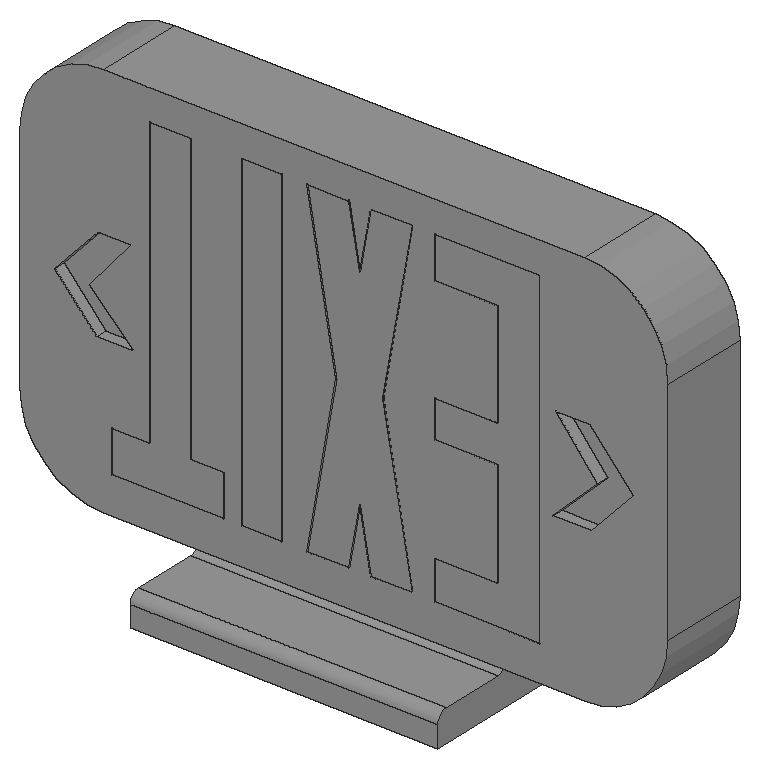
Revit family "EPX-HT-G-R", category Generic Models, host Face, Revit 2023
Family settings
  Host = Face
  Can host rebar = No
  Round Connector Dimension = Use Diameter
  Part Type = Normal
  Cut with Voids When Loaded = No
  Maintain Annotation Orientation = No
  Shared = No
  Room Calculation Point = No
Parameters (values of type "EPX-HT-R")
  Type Image = EPX IMAGE.PNG
  Type Comments = "Most economical and versatile LED exit sign in a single \r\nSKU: red and green letters, single and double panels and \r\nuniversal mounting - Ideal for use on any job, big or small"
  Model = "EPX-HT-G"
  Manufacturer = "BEGHELLI"
  LETTERS MATERIAL = LETTERS MATERIAL
  Description = "Ultra bright, energy efficient, long life LED\r\n• Dual 120/277V\r\n• 1.2V Long life, maintenance-free, rechargeable Ni-Cd battery\r\n• Internal solid-state transfer switch automatically connects\r\nthe internal battery to LED board for minimum 90-minute\r\nemergency illumination\r\n• Fully automatic solid-state, two rate charger initiates\r\nbattery charging to recharge a discharged battery in 24 hours\r\n• Charge rate/power “ON” LED indicator light and push-to\u0002test switch for mandated code compliance testin"
  Default Elevation = 4' - 0"
  HOUSING MATERIAL = HOUSING MATERIAL
Types (3): name | LETTERS MATERIAL
  (no name) | LETTERS MATERIAL
  EPX-HT-G | LETTER MATERIAL GREEN
  EPX-HT-R | LETTERS MATERIAL
Reference planes (in)
  plane 1 "Center (Front/Back)": y = 0
  plane 2: z = 0
  plane 3 "Center (Left/Right)": x = 0
Dimensions and locks (in)
  aligned and locked: plane 2 to host face
  aligned and locked: level to host face
  aligned and locked: nested 1 to host face
Nested families (in)
  nested 1: "EPX-HT" at (0, 0, 0.71394), type "EPX-HT"
Definition of nested family "EPX-HT"
  Parameters (values of type "EPX-HT")
    LETTERS = none
    HOUSING MATERIAL = none
    Default Elevation = 0' - 0"
  Reference planes (in)
    plane 1 "Center (Front/Back)": y = 0
    plane 2: z = 0
    plane 3 "Center (Left/Right)": x = 0
    plane 4: y = 0.8
    plane 5: x = -5.8
    plane 6: z = 7.1
    plane 7: x = 5.8
    plane 8: y = -0.8
    plane 9: x = -2.75
    plane 10: x = 2.75
  Forms (in)
    Extrusion 1, solid, material <- "HOUSING MATERIAL"
      sketch origin (0, 0, 0) x (1, 0, 0) y (0, 0, 1)
        loop
          arc (-4.3, 7.1) -> (-5.36066, 6.66066) -> (-5.8, 5.6) r 1.5
          line (-5.8, 5.6) -> (-5.8, 1.5)
          arc (-5.8, 1.5) -> (-5.36066, 0.43934) -> (-4.3, 0) r 1.5
          line (-4.3, 0) -> (4.3, 0)
          arc (4.3, 0) -> (5.36066, 0.43934) -> (5.8, 1.5) r 1.5
          line (5.8, 1.5) -> (5.8, 5.6)
          arc (5.8, 5.6) -> (5.36066, 6.66066) -> (4.3, 7.1) r 1.5
          line (4.3, 7.1) -> (-4.3, 7.1)
      from -0.8 to 0.8
    Extrusion 2, void
      sketch origin (0, 0, 7.19369) x (-1, 0, 0) y (0, 0, -1)
        loop
          line (-4.42982, 4.42491) -> (-5.17878, 3.5931) -> (-4.39434, 2.72188) -> (-3.7882, 2.72188) -> (-4.54473, 3.62348) -> (-3.74331, 4.42491) -> (-4.42982, 4.42491)
        loop
          line (-2.75, 5.84574) -> (-1.62163, 5.84574) -> (-1.62163, 6.54658) -> (-3.50998, 6.54658) -> (-3.50998, 0.64711) -> (-1.62163, 0.64711) -> (-1.62163, 1.39711) -> (-2.75, 1.39711) -> (-2.75, 3.27486) -> (-1.62163, 3.27486) -> (-1.62163, 3.94602) -> (-2.75, 3.94602) -> (-2.75, 5.84574)
        loop
          line (-1.22217, 6.53908) -> (-0.70254, 3.59216) -> (-1.22184, 0.64711) -> (-0.47184, 0.64711) -> (-0.2818, 1.72487) -> (-0.09176, 0.64711) -> (0.65824, 0.64711) -> (0.13895, 3.59216) -> (0.65857, 6.53908) -> (-0.09176, 6.53908) -> (-0.2818, 5.46132) -> (-0.47184, 6.53908) -> (-1.22217, 6.53908)
        loop
          line (1.1093, 6.53908) -> (1.1093, 0.64711) -> (1.83142, 0.64711) -> (1.83142, 6.53908) -> (1.1093, 6.53908)
        loop
          line (2.75, 0.64711) -> (3.47124, 0.64711) -> (3.47124, 5.78908) -> (4.15287, 5.78908) -> (4.15287, 6.53908) -> (2.15287, 6.53908) -> (2.15287, 5.78908) -> (2.75, 5.78908) -> (2.75, 0.64711)
        loop
          line (4.42982, 4.42491) -> (3.74331, 4.42491) -> (4.54473, 3.62348) -> (3.7882, 2.72188) -> (4.39434, 2.72188) -> (5.17878, 3.5931) -> (4.42982, 4.42491)
      from 0.58708 to 0.8
    Extrusion 3, void
      sketch origin (0, 0, 0) x (1, 0, 0) y (0, 0, -1)
        loop
          line (-4.42982, -4.42491) -> (-3.74331, -4.42491) -> (-4.54473, -3.62348) -> (-3.7882, -2.72188) -> (-4.39434, -2.72188) -> (-5.17878, -3.5931) -> (-4.42982, -4.42491)
        loop
          line (-2.75, -5.84574) -> (-2.75, -3.94602) -> (-1.62163, -3.94602) -> (-1.62163, -3.27486) -> (-2.75, -3.27486) -> (-2.75, -1.39711) -> (-1.62163, -1.39711) -> (-1.62163, -0.64711) -> (-3.50998, -0.64711) -> (-3.50998, -6.54658) -> (-1.62163, -6.54658) -> (-1.62163, -5.84574) -> (-2.75, -5.84574)
        loop
          line (-1.22217, -6.53908) -> (-0.47184, -6.53908) -> (-0.2818, -5.46132) -> (-0.09176, -6.53908) -> (0.65857, -6.53908) -> (0.13895, -3.59216) -> (0.65824, -0.64711) -> (-0.09176, -0.64711) -> (-0.2818, -1.72487) -> (-0.47184, -0.64711) -> (-1.22184, -0.64711) -> (-0.70254, -3.59216) -> (-1.22217, -6.53908)
        loop
          line (1.1093, -6.53908) -> (1.83142, -6.53908) -> (1.83142, -0.64711) -> (1.1093, -0.64711) -> (1.1093, -6.53908)
        loop
          line (3.55575, -6.53908) -> (3.55575, -1.39711) -> (4.15287, -1.39711) -> (4.15287, -0.64711) -> (2.15287, -0.64711) -> (2.15287, -1.39711) -> (2.83451, -1.39711) -> (2.83451, -6.53908) -> (3.55575, -6.53908)
        loop
          line (4.42982, -4.42491) -> (5.17878, -3.5931) -> (4.39434, -2.72188) -> (3.7882, -2.72188) -> (4.54473, -3.62348) -> (3.74331, -4.42491) -> (4.42982, -4.42491)
      from 0.59457 to 0.8
    Extrusion 4, solid, material <- "HOUSING MATERIAL"
      sketch origin (0, 0, 7.1) x (0, 1, 0) y (0, 0, 1)
        loop
          line (2.13757, -7.81394) -> (2.13757, -7.4419)
          arc (2.13757, -7.4419) -> (2.08137, -7.30622) -> (1.94569, -7.25002) r 0.19188
          line (1.94569, -7.25002) -> (0.78193, -7.25002)
          arc (0.78193, -7.25002) -> (0.67585, -7.20608) -> (0.63191, -7.1) r 0.15002
          line (0.63191, -7.1) -> (-0.63191, -7.1)
          arc (-0.63191, -7.1) -> (-0.67585, -7.20608) -> (-0.78193, -7.25002) r 0.15002
          line (-0.78193, -7.25002) -> (-1.94569, -7.25002)
          arc (-1.94569, -7.25002) -> (-2.08137, -7.30622) -> (-2.13757, -7.4419) r 0.19188
          line (-2.13757, -7.4419) -> (-2.13757, -7.81394) -> (2.13757, -7.81394)
      from -2.75 to 2.75
  Cuts and joins
    Extrusion 2, Extrusion 3 cuts Extrusion 1
  Dimensions and locks (in)
    plane 6 to level = 0' - 7.1"
    plane 3 "Center (Left/Right)" to plane 5 = 0' - 5.8"
    plane 4 to plane 1 "Center (Front/Back)" = 0' - 0.8"
    plane 5 to plane 3 "Center (Left/Right)" = 0' - 5.8"
    plane 9 to plane 3 "Center (Left/Right)" = 0' - 2 3/4"
    aligned and locked: plane 2 to level
  Nested families (in)
    nested 1: "EPX - LETTER FRONT" at (-0.64331, -2.5974, 0.54829), type "LETTERS"
    nested 2: "EPX - LETTER BACK" at (0.45532, 2.59894, 0.54676), type "LETTERS"
  Definition of nested family "EPX - LETTER FRONT"
    Parameters (values of type "LETTERS")
      LETTERS = none
      Default Elevation = 0' - 0"
    Reference planes (in)
      plane 1 "Center (Front/Back)": y = 0
      plane 2: z = 0
      plane 3 "Center (Left/Right)": x = 0
    Forms (in)
      Extrusion 1, solid, material <- "LETTERS"
        sketch origin (0.19184, 0, 7.56815) x (-1, 0, 0) y (0, 0, 1)
          loop
            line (-2.0731, -1.56986) -> (-3.96145, -1.56986) -> (-3.96145, -7.46933) -> (-2.0731, -7.46933) -> (-2.0731, -6.76849) -> (-3.20147, -6.76849) -> (-3.20147, -4.86877) -> (-2.0731, -4.86877) -> (-2.0731, -4.19762) -> (-3.20147, -4.19762) -> (-3.20147, -2.31986) -> (-2.0731, -2.31986) -> (-2.0731, -1.56986)
        from 1.8 to 2
      Extrusion 2, solid, material <- "LETTERS"
        sketch origin (0.19184, 0, 7.56815) x (-1, 0, 0) y (0, 0, 1)
          loop
            line (-0.92331, -1.56986) -> (-1.67331, -1.56986) -> (-1.15402, -4.51491) -> (-1.67364, -7.46183) -> (-0.92331, -7.46183) -> (-0.73327, -6.38407) -> (-0.54323, -7.46183) -> (0.2071, -7.46183) -> (-0.31252, -4.51491) -> (0.20677, -1.56986) -> (-0.54323, -1.56986) -> (-0.73327, -2.64762) -> (-0.92331, -1.56986)
        from 1.8 to 2
      Extrusion 3, solid, material <- "LETTERS"
        sketch origin (0.19184, 0, 7.56815) x (-1, 0, 0) y (0, 0, 1)
          loop
            line (1.37995, -1.56986) -> (0.65783, -1.56986) -> (0.65783, -7.46183) -> (1.37995, -7.46183) -> (1.37995, -1.56986)
        from 1.8 to 2
      Extrusion 4, solid, material <- "LETTERS"
        sketch origin (-5.21097, 0, -1.46355) x (1, 0, 0) y (0, 0, -1)
          loop
            line (2.38304, -7.46183) -> (3.10428, -7.46183) -> (3.10428, -2.31986) -> (3.70141, -2.31986) -> (3.70141, -1.56986) -> (1.70141, -1.56986) -> (1.70141, -2.31986) -> (2.38304, -2.31986) -> (2.38304, -7.46183)
        from 1.8 to 2
    Dimensions and locks (in)
      aligned and locked: plane 2 to level
  Definition of nested family "EPX - LETTER BACK"
    Parameters (values of type "LETTERS")
      LETTERS = none
      Default Elevation = 0' - 0"
    Reference planes (in)
      plane 1 "Center (Front/Back)": y = 0
      plane 2: z = 0
      plane 3 "Center (Left/Right)": x = 0
    Forms (in)
      Extrusion 1, solid, material <- "LETTERS"
        sketch origin (0, 0, 7.56159) x (1, 0, 0) y (0, 0, 1)
          loop
            line (-3.9653, -1.56176) -> (-3.9653, -7.46123) -> (-2.07696, -7.46123) -> (-2.07696, -6.71123) -> (-3.20532, -6.71123) -> (-3.20532, -4.83348) -> (-2.07696, -4.83348) -> (-2.07696, -4.16232) -> (-3.20532, -4.16232) -> (-3.20532, -2.2626) -> (-2.07696, -2.2626) -> (-2.07696, -1.56176) -> (-3.9653, -1.56176)
        from 1.8 to 2
      Extrusion 2, solid, material <- "LETTERS"
        sketch origin (0, 0, 7.56159) x (1, 0, 0) y (0, 0, 1)
          loop
            line (0.20325, -1.56926) -> (-0.54708, -1.56926) -> (-0.73712, -2.64702) -> (-0.92716, -1.56926) -> (-1.67749, -1.56926) -> (-1.15787, -4.51619) -> (-1.67716, -7.46123) -> (-0.92716, -7.46123) -> (-0.73712, -6.38347) -> (-0.54708, -7.46123) -> (0.20292, -7.46123) -> (-0.31637, -4.51619) -> (0.20325, -1.56926)
        from 1.8 to 2
      Extrusion 3, solid, material <- "LETTERS"
        sketch origin (0, 0, 7.56159) x (1, 0, 0) y (0, 0, 1)
          loop
            line (0.65398, -1.56958) -> (0.65398, -7.46155) -> (1.3761, -7.46155) -> (1.3761, -1.56958) -> (0.65398, -1.56958)
        from 1.8 to 2
      Extrusion 4, solid, material <- "LETTERS"
        sketch origin (5.48886, 0, -1.45392) x (-1, 0, 0) y (0, 0, -1)
          loop
            line (2.38843, -7.44625) -> (3.10967, -7.44625) -> (3.10967, -2.30427) -> (3.7913, -2.30427) -> (3.7913, -1.55427) -> (1.7913, -1.55427) -> (1.7913, -2.30427) -> (2.38843, -2.30427) -> (2.38843, -7.44625)
        from 1.8 to 2
    Dimensions and locks (in)
      aligned and locked: plane 2 to level
